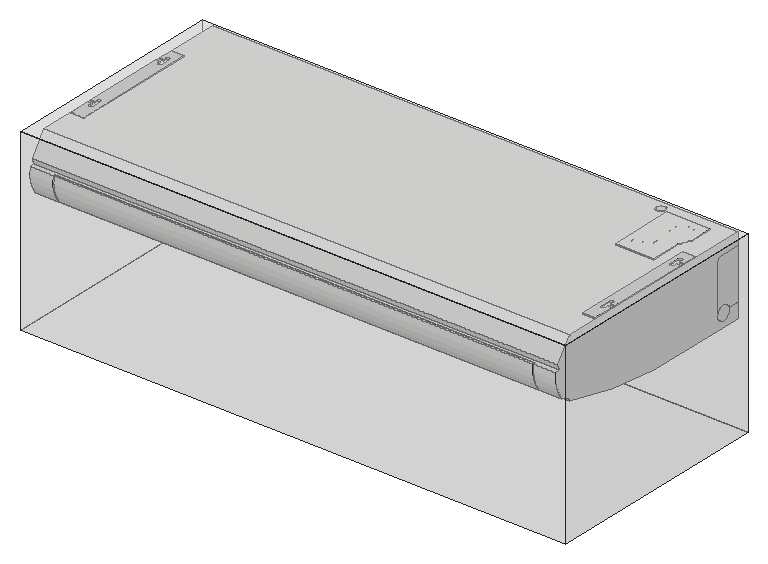
Revit family "outputfile", category 機械設備, Revit 2024
Family settings
  丸型コネクタ寸法 = 半径を使用
  パーツ タイプ = 標準
  OmniClass 番号 = 23.75.10.24.21.27.27
  OmniClass タイトル = Split System Air Conditioning Units
  作業面ベース = いいえ
  常に垂直 = はい
  ロード時にボイドで切り取り = いいえ
  注釈の向きを維持 = いいえ
  共有 = いいえ
  部屋計算ポイント = はい
Parameters (values of type "FHA125DVA")
  製造元 = "Daikin"
  書き出し IFC クラス(タイプ) = "IfcUnitaryEquipmentType"
  定義済み IFC タイプ(タイプ) = "AIRCONDITIONINGUNIT"
  モデル = "FHA125DVA"
  switch_frequency = yes
  r_Liquid Pipe Size = Liquid Pipe Size / 2  # 4.75 mm
  r_Gas Pipe Size = Gas Pipe Size / 2  # 7.95 mm
  r_Drain Pipe Size = Drain Pipe Size / 2  # 10.0 mm
  l_powersupply [instance] = if(Rear Right Connection_powersupply, 29.0 mm, 175.0 mm)  # 29.0 mm
  h_mountinghole = 2.0 mm
  connector_voltage = Voltage_50Hz  # 230 V
  connector_powerinput = [Power Input (Cooling)]  # 3.720 kW
  connector_phase = Phase_50Hz  # 1
  angle_vertical_powersupply [instance] = if(Rear Right Connection_powersupply, 90.00°, 180.00°)  # 90.00°
  angle_vertical_drainpipe [instance] = if(or(Left Connection_drainpipe, Right Connection_drainpipe), 90.00°, if(Top Connection_drainpipe, 180.00°, -90.00°))  # -90.00°
  angle_horizontal_powersupply [instance] = if(Rear Right Connection_powersupply, 180.00°, 0.00°)  # 180.00°
  angle_horizontal_drainpipe [instance] = if(Right Connection_drainpipe, 90.00°, if(Left Connection_drainpipe, -90.00°, 0.00°))  # 0.00°
  Voltage_comment_60Hz = "220-240"
  Voltage_comment_50Hz = "220-240"
  Voltage_60Hz = 230 V
  Voltage_50Hz = 230 V
  Top Connection_refrigerant [instance] = no
  Top Connection_powersupply [instance] = not(Rear Right Connection_powersupply)  # no
  Right Connection_refrigerant [instance] = no
  Rear Right Connection_refrigerant [instance] = yes
  Phase_60Hz = 1
  Phase_50Hz = 1
  Material_Casing = DAIKIN_White_Casing_indoorunit
  lw_powersupply [instance] = if(Rear Right Connection_powersupply, 220.0 mm, 210.0 mm)  # 220.0 mm
  lw_mountinghole_pitch = Width - 40.0 mm  # 1550.0 mm
  lw_mountinghole = 20.0 mm
  lw_liquidpipe [instance] = if(Right Connection_refrigerant, 156.0 mm, if(Top Connection_refrigerant, 156.0 mm, 136.0 mm))  # 136.0 mm
  lw_gaspipe = 105.0 mm
  lw_drainpipe [instance] = if(Top Connection_drainpipe, 102.0 mm, if(Width = 960.0 mm, if(or(Left Connection_drainpipe, Rear Left Connection_drainpipe), 884.0 mm, 83.0 mm), if(Width = 1270.0 mm, if(or(Left Connection_drainpipe, Rear Left Connection_drainpipe), 1194.0 mm, 83.0 mm), if(Width = 1590.0 mm, if(or(Left Connection_drainpipe, Rear Left Connection_drainpipe), 1514.0 mm, 83.0 mm), 83.0 mm))))  # 83.0 mm
  lh_powersupply = 175.0 mm
  lh_liquidpipe [instance] = if(Rear Right Connection_refrigerant, 160.0 mm, 131.0 mm)  # 160.0 mm
  lh_gaspipe [instance] = if(Rear Right Connection_refrigerant, 150.0 mm, 91.0 mm)  # 150.0 mm
  lh_drainpipe = 197.0 mm
  l_antena = 1.0 mm
  ld_powersupply = 30.0 mm
  ld_mountinghole_pitch = 260.0 mm
  ld_mountinghole = 210.0 mm
  ld_liquidpipe [instance] = if(Right Connection_refrigerant, 57.0 mm, if(Top Connection_refrigerant, 189.0 mm, 221.0 mm))  # 221.0 mm
  ld_gaspipe [instance] = if(Right Connection_refrigerant, 57.0 mm, if(Top Connection_refrigerant, 163.0 mm, 214.0 mm))  # 214.0 mm
  ld_drainpipe [instance] = if(or(Left Connection_drainpipe, Right Connection_drainpipe), 57.0 mm, if(Top Connection_drainpipe, 87.0 mm, 268.0 mm))  # 268.0 mm
  l_liquidpipe_length [instance] = if(Right Connection_refrigerant, 156.0 mm, if(Top Connection_refrigerant, 131.0 mm, 220.0 mm))  # 220.0 mm
  l_gaspipe_length [instance] = if(Right Connection_refrigerant, 105.0 mm, if(Top Connection_refrigerant, 91.0 mm, 213.0 mm))  # 213.0 mm
  l_drainpipe_length [instance] = if(Right Connection_drainpipe, 83.0 mm, if(Top Connection_drainpipe, 197.0 mm, if(Left Connection_drainpipe, 76.0 mm, 267.0 mm)))  # 267.0 mm
  h*** = 0.0 mm
  angle_vertical [instance] = if(Right Connection_refrigerant, 90.00°, if(Top Connection_refrigerant, 180.00°, -90.00°))  # -90.00°
  angle_horizontal [instance] = if(Right Connection_refrigerant, 90.00°, 0.00°)  # 0.00°
  Width = 1590.0 mm
  Version = "ver.1.0"
  Unit Type = "Ceiling"
  Unit Mass Weight = 38.00 kg
  Unit Designation [instance] = ""
  Uniclass2015Version = "Products v1.30"
  Uniclass2015Title = "Split coil room air conditioning units"
  Uniclass2015Code = "Pr_70_65_03_86"
  Total Cooling Capacity [instance] = 0.000 kW
  Top Connection_drainpipe [instance] = no
  Sound Pressure Level_M speed (dBA) = 41
  Sound Pressure Level_L speed (dBA) = 37
  Sound Pressure Level_H speed (dBA) = 44
  Series = "SkyAir_Fan Coil Unit"
  Sensible Cooling Capacity [instance] = 0.000 kW
  Rear Right Connection_drainpipe [instance] = yes
  Rear Right Connection_powersupply [instance] = yes
  Right Connection_drainpipe [instance] = no
  Refrigerant Type = "R32"
  Power Input (Cooling) = 3.720 kW
  Option Accessory 3 [instance] = ""
  Option Accessory 2 [instance] = ""
  Option Accessory 1 [instance] = ""
  Nominal Cooling Capacity = 12.500 kW
  Minimum Airflow = 1380.00 m³/h
  Median Airflow = 1620.00 m³/h
  Maximum Airflow = 1860.00 m³/h
  Load Classification = HVAC
  Liquid Pipe Size = 9.5 mm
  Link_Nested Family [instance] = ""
  Rear Left Connection_drainpipe [instance] = no
  Left Connection_drainpipe [instance] = no
  IfcVersion = ""
  IfcExportType = "AIRCONDITIONINGUNIT"
  IfcExportAs = "IfcUnitaryEquipmentType"
  Height = 235.0 mm
  Heat Exchanger Type = "Cross Fin Coil"
  Gas Pipe Size = 15.9 mm
  Frequency_60Hz = 60 Hz
  Frequency_50Hz = 50 Hz
  Fan Type = "Cross Flow Fan"
  Fan Drive = "Direct Drive"
  FCU Tag No. [instance] = ""
  Drain Pipe Size = 20.0 mm
  Design Supply Airflow [instance] = 0.00 m³/h
  Design Outdoor Airflow [instance] = 0.00 m³/h
  Depth = 690.0 mm
  既定の高さ = 0.0 mm
  Cooling Entering Wet Bulb Temperature [instance] = 0.00 °C
  Cooling Entering Dry Bulb Temperature [instance] = 0.00 °C
  Cooling Ambient Wet Bulb Temperature [instance] = 0.00 °C
  Cooling Ambient Dry Bulb Temperature [instance] = 0.00 °C
  Clearance visibility [instance] = yes
  Clearance Top = 5.0 mm
  Clearance Right = 30.0 mm
  Clearance Rear = 0.0 mm
  Clearance Left = 30.0 mm
  Clearance Front = 0.0 mm
  Clearance Bottom = 300.0 mm
Reference planes
  plane 1 "Back": y = 0
  plane 2: z = 0
  plane 3 "Center (Left/Right)": x = 0
  plane 4 "Center (Front/Back)": y = -1
  plane 5 "Front": y = -690
  plane 6 "Left": x = -795
  plane 7 "Right": x = 795
  plane 8 "Top": z = 0
  plane 9 "Bottom": z = -235
  plane 10: y = -690
  plane 11: x = -825
  plane 12: x = 825
  plane 13: z = 5
  plane 14: z = -535
  plane 15: y = 0
  plane 16 "lw_mountinghole": x = -775
  plane 17 "lw_mountinghole2": x = 775
  plane 18 "ld_mountinghole": y = -210
  plane 19 "ld_mountinghole2": y = -470
  plane 20 "lw_gaspipe": x = 690
  plane 21 "ld_gaspipe": y = -214
  plane 22 "lh_gaspipe": z = -150
  plane 23 "lw_liquidpipe": x = 659
  plane 24 "ld_liquidpipe": y = -221
  plane 25 "lh_liquidpipe": z = -160
  plane 26 "ld_drainpipe": y = -268
  plane 27 "lw_drainpipe": x = 712
  plane 28 "lh_drainpipe": z = -197
  plane 29 "lw_powersupply": x = 575
  plane 30 "lh_powersupply": z = -175
  plane 31 "ld_powersupply": y = -30
  plane 32: x = -725.5
  plane 33: x = 725.5
  plane 34: x = -750
  plane 35: x = 750
  plane 36: x = -2
  plane 37: x = 2
Forms (mm)
  Extrusion 1, solid, material "DAIKIN_White_Casing_indoorunit" <- "Material_Casing"
    sketch origin (0, 0, 0) x (0, 1, 0) y (0, 0, 1)
      loop
        line (-639.277, 0) -> (-680.876, -61.699) -> (-675.026, -77.772)
        arc (-675.026, -77.772) -> (-681.815, -78.743) -> (-688.601, -79.732) r 2634.132
        arc (-688.601, -79.732) -> (-687.018, -121.096) -> (-669.159, -158.439) r 102.2
        line (-669.159, -158.439) -> (-639.858, -169.325) -> (-635.895, -178.261)
        arc (-635.895, -178.261) -> (-479.121, -215.759) -> (-319.077, -235) r 1400.997
        line (-319.077, -235) -> (-1, -235) -> (-1, 0) -> (-639.277, 0)
    from -795 to 795
  Extrusion 2, solid, material "DAIKIN_White_Casing_indoorunit" <- "Material_Casing"
    sketch origin (0, 0, 0) x (0, 1, 0) y (0, 0, 1)
      loop
        arc (-688.601, -79.732) -> (-687.018, -121.096) -> (-669.159, -158.439) r 102.2
        line (-669.159, -158.439) -> (-665.589, -154.869)
        arc (-665.589, -154.869) -> (-682.432, -118.783) -> (-683.39, -78.971) r 97.2
        arc (-683.39, -78.971) -> (-685.996, -79.351) -> (-688.601, -79.732) r 2634.132
    from -725.5 to 725.5
  Extrusion 3, void
    sketch origin (0, 0, 0) x (0, 1, 0) y (0, 0, 1)
      loop
        line (-301.098, -235) -> (-21.098, -235) -> (-21.098, -230) -> (-301.098, -230) -> (-301.098, -235)
    from -750 to 750
  Extrusion 4, solid, material "DAIKIN_White_Grille_indoorunit"
    sketch origin (0, 0, 0) x (0, 1, 0) y (0, 0, 1)
      loop
        line (-20.098, -230) -> (-301.098, -230) -> (-301.098, -235) -> (-20.098, -235) -> (-20.098, -230)
    from -750 to -2
  Extrusion 5, solid, material "DAIKIN_White_Casing_indoorunit" <- "Material_Casing"
    sketch origin (0, 0, 0) x (1, 0, 0) y (0, 0, 1)
      loop
        line (602, -63) -> (602, -178) -> (673, -220) -> (736, -220) -> (736, -63) -> (602, -63)
    from 0 to 1
  Extrusion 6, solid, material "DAIKIN_White_Casing_indoorunit" <- "Material_Casing"
    sketch origin (0, 0, 0) x (-1, 0, 0) y (0, -1, 0)
      loop
        line (-607, 35) -> (-607, 230) -> (-723, 230) -> (-723, 135) -> (-738, 105) -> (-738, 35) -> (-607, 35)
    from 0 to 1.9
  Extrusion 7, void
    sketch origin (795, 0, 0) x (0, 1, 0) y (0, 0, 1)
      loop
        arc (-79.5, -195) -> (-55.446, -217.446) -> (-34.715, -191.9) r 22.5
        line (-34.715, -191.9) -> (-1, -191.9) -> (-1, -190.1) -> (-35.04, -190.1)
        arc (-35.04, -190.1) -> (-54.942, -172.594) -> (-77.7, -186.182) r 22.5
        line (-77.7, -186.182) -> (-77.7, -43)
        arc (-77.7, -43) -> (-76.528, -40.172) -> (-73.7, -39) r 4
        line (-73.7, -39) -> (-1, -39) -> (-1, -37.2) -> (-73.7, -37.2)
        arc (-73.7, -37.2) -> (-77.801, -38.899) -> (-79.5, -43) r 5.8
        line (-79.5, -43) -> (-79.5, -195)
      loop
        circle (-57, -195) r 20.7
    from 0 to -10
  Extrusion 8, void
    sketch origin (-1444.026, -1, 1200) x (1, 0, 0) y (0, 0, 1)
      loop
        arc (715.026, -1375) -> (704.42, -1379.393) -> (700.026, -1390) r 15
        line (700.026, -1390) -> (700.026, -1400)
        arc (700.026, -1400) -> (704.42, -1410.607) -> (715.026, -1415) r 15
        line (715.026, -1415) -> (745.026, -1415)
        arc (745.026, -1415) -> (755.633, -1410.607) -> (760.026, -1400) r 15
        line (760.026, -1400) -> (760.026, -1390)
        arc (760.026, -1390) -> (755.633, -1379.393) -> (745.026, -1375) r 15
        line (745.026, -1375) -> (715.026, -1375)
    from 0 to 10
  Extrusion 9, void
    sketch origin (-795, 0, 0) x (0, 1, 0) y (0, 0, 1)
      loop
        circle (-57, -197) r 22.5
    from 0 to 10
  Extrusion 10, void
    sketch origin (-1444.026, -1, 1200) x (1, 0, 0) y (0, 0, 1)
      loop
        circle (2136.026, -1375) r 44
    from 0 to 10
  Extrusion 11, void
    sketch origin (0, 0, 0) x (-1, 0, 0) y (0, -1, 0)
      loop
        circle (-693, 87) r 30
    from 0 to -10
  Extrusion 12, void
    sketch origin (0, 0, 0) x (-1, 0, 0) y (0, -1, 0)
      loop
        circle (-690, 163) r 18
    from 0 to -10
  Extrusion 13, void
    sketch origin (0, 0, 0) x (-1, 0, 0) y (0, -1, 0)
      loop
        circle (-639, 189) r 13
    from 0 to -10
  Extrusion 14, void
    sketch origin (-1444.026, -1, 1200) x (1, 0, 0) y (0, 0, 1)
      loop
        circle (2019.026, -1375) r 14.5
    from 0 to 10
  Extrusion 15, void
    sketch origin (0, 0, 0) x (-1, 0, 0) y (0, -1, 0)
      loop
        circle (-585, 30) r 14.5
    from 0 to -10
  Extrusion 16, void
    sketch origin (795, 0, 0) x (0, 1, 0) y (0, 0, 1)
      loop
        arc (-665.589, -154.869) -> (-682.432, -118.783) -> (-683.39, -78.971) r 97.2
        arc (-683.39, -78.971) -> (-685.996, -79.351) -> (-688.601, -79.732) r 2634.132
        arc (-688.601, -79.732) -> (-687.018, -121.096) -> (-669.159, -158.439) r 102.2
        line (-669.159, -158.439) -> (-665.589, -154.869)
    from -69.5 to -1520.5
  Extrusion 17, solid, material "DAIKIN_White_Casing_indoorunit" <- "Material_Casing"
    sketch origin (-795, 0, 0) x (0, 1, 0) y (0, 0, 1)
      loop
        circle (-57, -197) r 22.5
    from 0 to 10
  Extrusion 18, solid, material "DAIKIN_White_Grille_indoorunit"
    sketch origin (780, 0, 0) x (0, 1, 0) y (0, 0, 1)
      loop
        line (-20.098, -230) -> (-301.098, -230) -> (-301.098, -235) -> (-20.098, -235) -> (-20.098, -230)
    from -782 to -778
  Extrusion 19, solid, material "DAIKIN_White_Grille_indoorunit"
    sketch origin (0, 0, 0) x (0, 1, 0) y (0, 0, -1)
      loop
        line (-20.098, 230) -> (-20.098, 235) -> (-301.098, 235) -> (-301.098, 230) -> (-20.098, 230)
    from -750 to -2
Cuts and joins
  Extrusion 3, Extrusion 7, Extrusion 8, Extrusion 9, Extrusion 10, Extrusion 11, Extrusion 12, Extrusion 13, Extrusion 14, Extrusion 15, Extrusion 16 cuts Extrusion 1
Lines and regions (mm)
  reference lines
    curve 1: line (795, -580.282, -192.75) -> (795, -551.225, -200.21)
Dimensions and locks
  equal spacing: plane 6 "Left", plane 3 "Center (Left/Right)", plane 7 "Right"
  "Width": plane 6 "Left" to plane 7 "Right"
  "Depth": plane 5 "Front" to plane 1 "Back"
  "Height": plane 8 "Top" to plane 9 "Bottom"
  "Clearance Front": plane 10 to plane 5 "Front"
  "Clearance Left": plane 11 to plane 6 "Left"
  "Clearance Right": plane 7 "Right" to plane 12
  "Clearance Top": plane 13 to plane 8 "Top"
  "Clearance Bottom": plane 9 "Bottom" to plane 14
  "Clearance Rear": plane 1 "Back" to plane 15
  locked: plane 4 "Center (Front/Back)" to plane 1 "Back" at 1
  locked: Extrusion 1 sketch curve to Extrusion 1 sketch curve at 235
  locked: Extrusion 1 sketch curve to Extrusion 1 sketch curve at 318.077
  locked: Extrusion 1 sketch curve to Extrusion 1 sketch curve at 1163.297
  locked: Extrusion 1 sketch curve to Extrusion 1 sketch curve at 231.144
  Extrusion 3 sketch curve to Extrusion 3 sketch curve to plane 1 "Back" = 280.0 mm locked, 21.098 mm locked
  "ld_mountinghole": plane 18 "ld_mountinghole" to plane 1 "Back"
  "ld_mountinghole_pitch": plane 18 "ld_mountinghole" to plane 19 "ld_mountinghole2"
  "lw_mountinghole_pitch": plane 16 "lw_mountinghole" to plane 17 "lw_mountinghole2"
  "lw_mountinghole": plane 6 "Left" to plane 16 "lw_mountinghole"
  "lw_gaspipe": plane 20 "lw_gaspipe" to plane 7 "Right"
  "ld_gaspipe": plane 1 "Back" to plane 21 "ld_gaspipe"
  "lw_liquidpipe": plane 23 "lw_liquidpipe" to plane 7 "Right"
  "ld_liquidpipe": plane 1 "Back" to plane 24 "ld_liquidpipe"
  "lw_drainpipe": plane 27 "lw_drainpipe" to plane 7 "Right"
  "ld_drainpipe": plane 26 "ld_drainpipe" to plane 1 "Back"
  plane 8 "Top" to Extrusion 5 sketch curve to Extrusion 5 sketch curve = 63.0 mm locked, 157.0 mm locked
  plane 7 "Right" to Extrusion 5 sketch curve to Extrusion 5 sketch curve = 59.0 mm locked, 134.0 mm locked
  locked: Extrusion 5 sketch curve to Extrusion 5 sketch curve at 115
  locked: Extrusion 5 sketch curve to Extrusion 5 sketch curve at 63
  locked: Extrusion 6 sketch curve to Extrusion 6 sketch curve at 195
  locked: Extrusion 6 sketch curve to Extrusion 6 sketch curve at 116
  locked: Extrusion 6 sketch curve to Extrusion 6 sketch curve at 131
  locked: Extrusion 6 sketch curve to Extrusion 6 sketch curve at 100
  locked: Extrusion 6 sketch curve to plane 1 "Back" at 35
  locked: Extrusion 6 sketch curve to plane 7 "Right" at 57
  locked: Extrusion 8 sketch curve to Extrusion 8 sketch curve at 40
  locked: Extrusion 8 sketch curve to Extrusion 8 sketch curve at 60
  locked: plane 8 "Top" to Extrusion 8 sketch curve at 175
  locked: Extrusion 8 sketch curve to plane 6 "Left" at 51
  locked: plane 7 "Right" to Extrusion 10 sketch curve at 103
  locked: plane 8 "Top" to Extrusion 10 sketch curve at 175
  locked: Extrusion 11 sketch curve to plane 1 "Back" at 87
  locked: Extrusion 11 sketch curve to plane 7 "Right" at 102
  locked: Extrusion 12 sketch curve to plane 1 "Back" at 163
  locked: Extrusion 12 sketch curve to plane 7 "Right" at 105
  locked: Extrusion 13 sketch curve to plane 1 "Back" at 189
  locked: Extrusion 13 sketch curve to plane 7 "Right" at 156
  "lw_powersupply": plane 29 "lw_powersupply" to plane 7 "Right"
  "lh_gaspipe": plane 8 "Top" to plane 22 "lh_gaspipe"
  "lh_liquidpipe": plane 8 "Top" to plane 25 "lh_liquidpipe"
  "lh_powersupply": plane 8 "Top" to plane 30 "lh_powersupply"
  "lh_drainpipe": plane 8 "Top" to plane 28 "lh_drainpipe"
  "ld_powersupply": plane 1 "Back" to plane 31 "ld_powersupply"
  locked: plane 8 "Top" to Extrusion 7 sketch curve at 195
  locked: Extrusion 7 sketch curve to plane 1 "Back" at 57
  locked: plane 9 "Bottom" to Extrusion 7 sketch curve at 43.1
  locked: Extrusion 7 sketch curve to plane 8 "Top" at 39
  locked: Extrusion 7 sketch curve to plane 1 "Back" at 79.5
  locked: Extrusion 9 sketch curve to plane 1 "Back" at 57
  locked: plane 8 "Top" to Extrusion 9 sketch curve at 197
  locked: Extrusion 17 sketch curve to plane 1 "Back" at 57
  locked: plane 8 "Top" to Extrusion 17 sketch curve at 197
  locked: plane 7 "Right" to Extrusion 14 sketch curve at 220
  locked: plane 8 "Top" to Extrusion 14 sketch curve at 175
  locked: Extrusion 15 sketch curve to plane 7 "Right" at 210
  locked: Extrusion 15 sketch curve to plane 1 "Back" at 30
  locked: curve 1 to plane 9 "Bottom" at 34.79
  locked: curve 1 to plane 9 "Bottom" at 42.25
  locked: plane 6 "Left" to plane 32 at 69.5
  locked: plane 33 to plane 7 "Right" at 69.5
  locked: plane 35 to plane 7 "Right" at 45
  locked: plane 6 "Left" to plane 34 at 45
  plane 36 to plane 3 "Center (Left/Right)" to plane 37 = 2.0 mm locked, 2.0 mm locked
  locked: curve 1 to plane 9 "Bottom" (angle 14.40°)
  aligned and locked: level to plane 2
  aligned and locked: nested 1 to plane 11
  aligned and locked: nested 1 to plane 12
  aligned and locked: nested 1 to plane 10
  aligned and locked: plane 13 to nested 1
  aligned and locked: plane 14 to nested 1
  aligned and locked: plane 15 to nested 1
  aligned and locked: Extrusion 1 sketch curve to plane 8 "Top"
  aligned and locked: Extrusion 2 sketch curve to Extrusion 1  (x2)
  aligned and locked: plane 7 "Right" to Extrusion 1
  aligned and locked: Extrusion 1 to plane 6 "Left"
  aligned and locked: cut or joined group 1 (Extrusion 1, Extrusion 3, Extrusion 7, Extrusion 8, Extrusion 9, Extrusion 10, Extrusion 11, Extrusion 12, Extrusion 13, Extrusion 14, Extrusion 15, Extrusion 16) to Extrusion 3 sketch curve
  aligned and locked: cut or joined group 1 to Extrusion 4 sketch curve
  aligned and locked: Extrusion 5 to plane 4 "Center (Front/Back)"
  aligned and locked: Extrusion 7 sketch curve to plane 4 "Center (Front/Back)"
  aligned and locked: Extrusion 16 sketch curve to Extrusion 2  (x4)
  aligned and locked: Extrusion 16 to Extrusion 2  (x2)
  aligned and locked: nested 2 to plane 26 "ld_drainpipe"
  aligned and locked: plane 27 "lw_drainpipe" to nested 2
  aligned and locked: plane 20 "lw_gaspipe" to nested 3
  aligned and locked: nested 3 to plane 21 "ld_gaspipe"
  aligned and locked: plane 23 "lw_liquidpipe" to nested 4
  aligned and locked: nested 4 to plane 24 "ld_liquidpipe"
  aligned and locked: plane 25 "lh_liquidpipe" to nested 4
  aligned and locked: nested 5 to plane 31 "ld_powersupply"
  aligned and locked: plane 29 "lw_powersupply" to nested 5
  aligned and locked: nested 7 to plane 18 "ld_mountinghole"
  aligned and locked: plane 16 "lw_mountinghole" to nested 7
  aligned and locked: nested 6 to plane 19 "ld_mountinghole2"
  aligned and locked: plane 16 "lw_mountinghole" to nested 6
  aligned and locked: nested 9 to plane 18 "ld_mountinghole"
  aligned and locked: plane 17 "lw_mountinghole2" to nested 9
  aligned and locked: plane 17 "lw_mountinghole2" to nested 8
  aligned and locked: nested 8 to plane 19 "ld_mountinghole2"
  aligned and locked: nested 10 to curve 1
  aligned and locked: level to plane 8 "Top"
  aligned and locked: cut or joined group 1 to plane 32
  aligned and locked: plane 33 to cut or joined group 1
  aligned and locked: Extrusion 16 to plane 32
  aligned and locked: plane 33 to Extrusion 16
  aligned and locked: Extrusion 4 to plane 34
  aligned and locked: cut or joined group 1 to plane 34
  aligned and locked: plane 34 to Extrusion 4  (x3)
  aligned and locked: plane 16 "lw_mountinghole" to nested 11
  aligned and locked: plane 17 "lw_mountinghole2" to nested 12
  aligned and locked: plane 36 to Extrusion 4
  aligned and locked: Extrusion 18 to plane 36
  aligned and locked: plane 37 to Extrusion 18
  aligned and locked: Extrusion 19 to plane 37
  aligned and locked: plane 37 to Extrusion 19
  aligned and locked: plane 35 to Extrusion 19
  aligned and locked: plane 35 to Extrusion 3
  aligned and locked: Extrusion 4 to cut or joined group 1
  aligned and locked: cut or joined group 1 to Extrusion 18
  aligned and locked: cut or joined group 1 to Extrusion 19
Automatic sketch dimensions
  Extrusion 1 sketch curve to plane 4 "Center (Front/Back)" = 0.0 mm
  Extrusion 1 sketch curve to plane 5 "Front" = 102.2 mm
  Extrusion 1 sketch curve to plane 30 "lh_powersupply" = 3.261 mm
  Extrusion 1 sketch curve to plane 5 "Front" = 50.723 mm
  plane 30 "lh_powersupply" to Extrusion 1 sketch curve = 5.675 mm
  Extrusion 1 sketch curve to Extrusion 1 sketch curve = 3.963 mm
  plane 25 "lh_liquidpipe" to Extrusion 1 sketch curve = 1.561 mm
  Extrusion 1 sketch curve to plane 5 "Front" = 20.841 mm
  Extrusion 1 sketch curve to plane 5 "Front" = 14.974 mm
  Extrusion 1 sketch curve to plane 5 "Front" = 9.124 mm
  Extrusion 1 sketch curve to plane 26 "ld_drainpipe" = 37.278 mm
  Extrusion 1 sketch curve to plane 14 = 2150.825 mm
  plane 22 "lh_gaspipe" to Extrusion 1 sketch curve = 53.413 mm
  Extrusion 1 sketch curve to level = 77.772 mm
  Extrusion 1 sketch curve to Extrusion 1 sketch curve = 16.072 mm
  Extrusion 2 sketch curve to Extrusion 2 sketch curve = 0.0 mm  (x2)
  plane 25 "lh_liquidpipe" to Extrusion 2 sketch curve = 1.561 mm
  Extrusion 2 sketch curve to plane 22 "lh_gaspipe" = 4.869 mm
  Extrusion 2 sketch curve to Extrusion 2 sketch curve = 3.57 mm
  Extrusion 3 sketch curve to Extrusion 3 sketch curve = 5.0 mm
  plane 31 "ld_powersupply" to Extrusion 4 sketch curve = 9.902 mm
  Extrusion 4 sketch curve to Extrusion 4 sketch curve = 5.0 mm
  Extrusion 6 sketch curve to Extrusion 6 sketch curve = 30.0 mm
  Extrusion 7 sketch curve to Extrusion 7 sketch curve = 0.0 mm  (x6)
  Extrusion 7 sketch curve to plane 4 "Center (Front/Back)" = 0.0 mm  (x2)
  Extrusion 7 sketch curve to Extrusion 7 sketch curve = 1.8 mm  (x2)
  Extrusion 7 sketch curve to Extrusion 7 sketch curve = 4.0 mm
  Extrusion 7 sketch curve to Extrusion 7 sketch curve = 0.325 mm
  Extrusion 8 sketch curve to plane 32 = 3.5 mm  (x2)
  Extrusion 8 sketch curve to plane 28 "lh_drainpipe" = 3.0 mm
  Extrusion 8 sketch curve to Extrusion 8 sketch curve = 15.0 mm
  curve 1 to plane 5 "Front" = 109.718 mm
  Extrusion 18 sketch curve to plane 9 "Bottom" = 0.0 mm
  plane 9 "Bottom" to Extrusion 18 sketch curve = 5.0 mm
  Extrusion 18 sketch curve to plane 26 "ld_drainpipe" = 33.098 mm
  plane 31 "ld_powersupply" to Extrusion 18 sketch curve = 9.902 mm
  Extrusion 19 sketch curve to plane 9 "Bottom" = 0.0 mm
  plane 9 "Bottom" to Extrusion 19 sketch curve = 5.0 mm
  Extrusion 19 sketch curve to plane 26 "ld_drainpipe" = 33.098 mm
  plane 31 "ld_powersupply" to Extrusion 19 sketch curve = 9.902 mm
  Extrusion 4 sketch curve to plane 26 "ld_drainpipe" = 33.098 mm
  radius of Extrusion 7 sketch curve = 20.7 mm
  radius of Extrusion 9 sketch curve = 22.5 mm
  radius of Extrusion 10 sketch curve = 44.0 mm
  radius of Extrusion 11 sketch curve = 30.0 mm
  radius of Extrusion 12 sketch curve = 18.0 mm
  radius of Extrusion 13 sketch curve = 13.0 mm
  radius of Extrusion 14 sketch curve = 14.5 mm
  radius of Extrusion 15 sketch curve = 14.5 mm
  radius of Extrusion 17 sketch curve = 22.5 mm
Nested families
  nested 1: "daikin_clearancespace" at (0, -345, -264.881), visible <- "Clearance visibility", show <- "Clearance visibility", Link_Nested Family <- "Link_Nested Family", type "daikin_clearancespace"
    with width 1650.0 mm, show yes, height 540.0 mm, depth 690.0 mm, Link_Nested Family ""
  nested 2: "daikin_connector_rotate3" at (712, -268, -197), radius <- "r_Drain Pipe Size", angle_vertical <- "angle_vertical_drainpipe", angle_horizontal <- "angle_horizontal_drainpipe", length <- "l_drainpipe_length", type "daikin_connector_rotate3"
    with show no, radius 10.0 mm, length 267.0 mm, angle_vertical -90.00°, angle_horizontal 0.00°
  nested 3: "daikin_connector_rotate3" at (690, -214, -150), radius <- "r_Gas Pipe Size", angle_vertical <- "angle_vertical", angle_horizontal <- "angle_horizontal", length <- "l_gaspipe_length", type "daikin_connector_rotate3"
    with show no, radius 7.95 mm, length 213.0 mm, angle_vertical -90.00°, angle_horizontal 0.00°
  nested 4: "daikin_connector_rotate3" at (659, -221, -160), radius <- "r_Liquid Pipe Size", angle_vertical <- "angle_vertical", angle_horizontal <- "angle_horizontal", length <- "l_liquidpipe_length", type "daikin_connector_rotate3"
    with show no, radius 4.75 mm, length 220.0 mm, angle_vertical -90.00°, angle_horizontal 0.00°
  nested 5: "daikin_connector_rotate3" at (575, -30, -175), length <- "l_powersupply", angle_vertical <- "angle_vertical_powersupply", angle_horizontal <- "angle_horizontal_powersupply", type "daikin_connector_rotate3"
    with show no, radius 10.0 mm, length 29.0 mm, angle_vertical 90.00°, angle_horizontal 180.00°
  nested 6: "daikin_mountinghole" at (-775, -470, 0), l_antenna <- "l_antena", Link_Nested Family <- "Link_Nested Family", h_mountinghole <- "h_mountinghole", type "daikin_mountinghole"
    with show yes, l_antenna 1.0 mm, h_mountinghole 2.0 mm, Link_Nested Family ""
  nested 7: "daikin_mountinghole" at (-775, -210, 0), l_antenna <- "l_antena", Link_Nested Family <- "Link_Nested Family", h_mountinghole <- "h_mountinghole", type "daikin_mountinghole"
    with show yes, l_antenna 1.0 mm, h_mountinghole 2.0 mm, Link_Nested Family ""
  nested 8: "daikin_mountinghole" at (775, -470, 0), l_antenna <- "l_antena", Link_Nested Family <- "Link_Nested Family", h_mountinghole <- "h_mountinghole", type "daikin_mountinghole"
    with show yes, l_antenna 1.0 mm, h_mountinghole 2.0 mm, Link_Nested Family ""
  nested 9: "daikin_mountinghole" at (775, -210, 0), Link_Nested Family <- "Link_Nested Family", l_antenna <- "l_antena", h_mountinghole <- "h_mountinghole", type "daikin_mountinghole"
    with show yes, l_antenna 1.0 mm, h_mountinghole 2.0 mm, Link_Nested Family ""
  nested 10: "daikin_logo_plane_w40" at (647.963, -559.801, -198.008) x (1, 0, 0) z (0, -0.2487, -0.9686), type "daikin_logo_plane_w40"
    with show_logo yes
  nested 11: "daikin_hangerfixture_FHA-DVA" at (-775, 0, 0), type "daikin_hangerfixture_FHA-DVA"
    with width 38.0 mm, height 2.0 mm, depth 380.0 mm
  nested 12: "daikin_hangerfixture_FHA-DVA" at (775, 0, 0) x (-1, 0, 0) z (0, 0, 1), type "daikin_hangerfixture_FHA-DVA"
    with width 38.0 mm, height 2.0 mm, depth 380.0 mm
Connectors
  piping at (712, -1, -197), diameter 20, driven by "r_Drain Pipe Size"
    settings: on nested 2, index 1, connector inside diameter 609.6 mm, connector length 0.0 mm, flow factor 0, pipe flow 0.00 m³/h, pressure drop 0.0 Pa, fitting loss kfactor 0, connector angle 0.00°, fixture units 0, engagement length 0.0 mm, angle of deflection 0.00°, flow configuration 1, flow direction 2, fitting loss method 4, system type 16, joint type 0, gender type 0, connector reference index -1, connector utility 0, adjustable connector no, is connector primary yes, connector description "Condensate Drain Piping"
  piping at (690, -1, -150), diameter 15.9, driven by "r_Gas Pipe Size"
    settings: on nested 3, index 3, connector inside diameter 609.6 mm, connector length 0.0 mm, flow factor 0, pipe flow 0.00 m³/h, pressure drop 0.0 Pa, fitting loss kfactor 0, connector angle 0.00°, fixture units 0, engagement length 0.0 mm, angle of deflection 0.00°, flow configuration 1, flow direction 2, fitting loss method 0, system type 29, joint type 0, gender type 0, connector reference index -1, connector utility 0, adjustable connector no, is connector primary no, connector description "Refrigerant Gas Piping"
  piping at (659, -1, -160), diameter 9.5, driven by "r_Liquid Pipe Size"
    settings: on nested 4, index 4, connector inside diameter 609.6 mm, connector length 0.0 mm, flow factor 0, pipe flow 0.00 m³/h, pressure drop 0.0 Pa, fitting loss kfactor 0, connector angle 0.00°, fixture units 0, engagement length 0.0 mm, angle of deflection 0.00°, flow configuration 1, flow direction 1, fitting loss method 0, system type 29, joint type 0, gender type 0, connector reference index -1, connector utility 0, adjustable connector no, is connector primary no, connector description "Refrigerant Liquid Piping"
  electrical at (575, -1, -175), driven by "Load Classification", driven by "connector_powerinput", driven by "connector_phase", driven by "connector_voltage"
    settings: on nested 5, index 6, voltage 230 V, apparent load 3720 VA, apparent load phase1 0 VA, apparent load phase2 0 VA, apparent load phase3 0 VA, power factor 1, load classification "HVAC", number of poles 1, system type 30, power factor state 1, is connector primary yes, connector utility no, sub classification motor no, connector description "Power Supply"
Definition of nested family "daikin_clearancespace"
  Parameters (values of type "daikin_clearancespace")
    Description = "daikin_clearancespace"
    width [instance] = 1823.963 mm
    show [instance] = yes
    material = none
    height [instance] = 1359.762 mm
    depth [instance] = 880.0 mm
    Default Elevation = 0.0 mm
    Link_Nested Family [instance] = ""
  Reference planes
    plane 1 "Center (Front/Back)": y = 0
    plane 2 "Center (Elevation)": z = -0.119
    plane 3 "Center (Left/Right)": x = 0
    plane 4: y = 440
    plane 5: y = -440
    plane 6 "Right": x = 911.982
    plane 7 "Left": x = -911.982
    plane 8 "Top": z = 679.762
    plane 9 "Bottom": z = -680
  Forms (mm)
    Extrusion 1, solid, material <- "material", visible <- "show"
      sketch origin (0, 0, 0) x (1, 0, 0) y (0, 1, 0)
        loop
          line (-911.982, 440) -> (-911.982, -440) -> (911.982, -440) -> (911.982, 440) -> (-911.982, 440)
      from -680 to 679.762
  Lines and regions (mm)
    symbolic lines, visible <- "show"
      curve 1: line (911.982, 440, 0) -> (-911.982, 440, 0)
      curve 2: line (-911.982, 440, 0) -> (-911.982, -440, 0)
      curve 3: line (-911.982, -440, 0) -> (911.982, -440, 0)
      curve 4: line (911.982, -440, 0) -> (911.982, 440, 0)
      curve 5: line (911.982, 0, 679.762) -> (-911.982, 0, 679.762)
      curve 6: line (911.982, 0, -680) -> (911.982, 0, 679.762)
      curve 7: line (-911.982, 0, -680) -> (911.982, 0, -680)
      curve 8: line (-911.982, 0, 679.762) -> (-911.982, 0, -680)
      curve 9: line (0, 440, 679.762) -> (0, -440, 679.762)
      curve 10: line (0, -440, 679.762) -> (0, -440, -680)
      curve 11: line (0, 440, -680) -> (0, 440, 679.762)
      curve 12: line (0, -440, -680) -> (0, 440, -680)
  Dimensions and locks
    "width": plane 7 "Left" to plane 6 "Right"
    "depth": plane 4 to plane 5
    "height": plane 8 "Top" to plane 9 "Bottom"
    equal spacing: plane 7 "Left", plane 3 "Center (Left/Right)", plane 6 "Right"
    equal spacing: plane 4, plane 1 "Center (Front/Back)", plane 5
    equal spacing: plane 8 "Top", plane 2 "Center (Elevation)", plane 9 "Bottom"
    aligned and locked: level to plane 2 "Center (Elevation)"
    aligned and locked: Extrusion 1 sketch curve to plane 4
    aligned and locked: plane 7 "Left" to Extrusion 1 sketch curve
    aligned and locked: Extrusion 1 sketch curve to plane 5
    aligned and locked: Extrusion 1 sketch curve to plane 6 "Right"
    aligned and locked: plane 8 "Top" to Extrusion 1
    aligned and locked: curve 1 to Extrusion 1
    aligned and locked: curve 2 to Extrusion 1
    aligned and locked: curve 3 to Extrusion 1
    aligned and locked: curve 4 to Extrusion 1
    aligned and locked: curve 5 to Extrusion 1
    aligned and locked: curve 6 to Extrusion 1
    aligned and locked: curve 7 to Extrusion 1
    aligned and locked: curve 8 to Extrusion 1
    aligned and locked: curve 9 to Extrusion 1
    aligned and locked: curve 10 to Extrusion 1
    aligned and locked: curve 11 to Extrusion 1
    aligned and locked: curve 12 to Extrusion 1
    aligned and locked: Extrusion 1 to plane 9 "Bottom"
Definition of nested family "daikin_logo_plane_w40"
  Parameters (values of type "daikin_logo_plane_w40")
    width = 40.0 mm
    show_logo [instance] = yes
    material = none
    height = 0.0 mm
    depth = 0.0 mm
    Default Elevation = 1219.2 mm
  Reference planes
    plane 1 "Center (Front/Back)": y = 0
    plane 2: z = 0
    plane 3 "Center (Left/Right)": x = 0
    plane 4: z = 2
    plane 5 "left": x = -19
    plane 6: x = 19
  Forms (mm)
    Extrusion 1, solid, visible <- "show_logo"
      sketch origin (-19, 0, 0) x (1, 0, 0) y (0, 1, 0)
        loop
          line (8.902, -1.878) -> (7.789, -6.332) -> (11.13, -6.332)
          arc (11.13, -6.332) -> (12.454, -6.064) -> (13.472, -5.176) r 2.642
          arc (13.472, -5.176) -> (13.92, -4.02) -> (13.767, -2.79) r 2.537
          arc (13.767, -2.79) -> (13.452, -2.342) -> (12.982, -2.06) r 1.321
          arc (12.982, -2.06) -> (12.063, -1.902) -> (11.13, -1.878) r 6.479
          line (11.13, -1.878) -> (8.902, -1.878)
        loop
          line (10.016, -5.441) -> (10.907, -5.441)
          arc (10.907, -5.441) -> (11.591, -4.983) -> (11.988, -4.261) r 1.742
          spline (11.988, -4.261) -> (12.01, -4.155) -> (12.027, -4.03) -> (12.037, -3.893) -> (12.037, -3.747) -> (12.026, -3.598) -> (12.002, -3.451) -> (11.962, -3.31) -> (11.905, -3.181) -> (11.829, -3.069) -> (11.731, -2.978) -> (11.61, -2.913) -> (11.464, -2.88)
          line (11.464, -2.88) -> (10.573, -2.88) -> (10.016, -5.441)
        loop
          line (13.58, -6.332) -> (14.805, -6.332) -> (15.223, -5.553) -> (16.977, -5.553) -> (17.144, -6.332) -> (19.149, -6.332) -> (18.258, -1.878) -> (16.03, -1.878) -> (13.58, -6.332)
        loop
          line (16.476, -3.214) -> (15.76, -4.551) -> (16.762, -4.551) -> (16.476, -3.214)
        loop
          line (19.705, -6.332) -> (21.599, -6.332) -> (22.712, -1.878) -> (20.819, -1.878) -> (19.705, -6.332)
        loop
          line (22.712, -6.332) -> (24.606, -6.332) -> (24.908, -5.122) -> (25.831, -6.332) -> (28.17, -6.332) -> (26.388, -3.994) -> (28.949, -1.878) -> (26.945, -1.878) -> (25.401, -3.153) -> (25.719, -1.878) -> (23.826, -1.878) -> (22.712, -6.332)
        loop
          line (29.84, -1.878) -> (28.615, -6.332) -> (30.62, -6.332) -> (31.734, -1.878) -> (29.84, -1.878)
        loop
          line (31.734, -6.332) -> (33.07, -6.332) -> (33.7, -3.814) -> (34.518, -6.332) -> (36.745, -6.332) -> (37.859, -1.878) -> (36.523, -1.878) -> (35.845, -4.589) -> (34.963, -1.878) -> (32.847, -1.878) -> (31.734, -6.332)
      from 0 to 2
    Extrusion 2, solid, visible <- "show_logo"
      sketch origin (-19, 0, 0) x (1, 0, 0) y (0, 1, 0)
        loop
          line (8.7, 0) -> (4.235, 0) -> (0, -3.879) -> (0, -8) -> (8.7, 0)
      from 0 to 2
    Extrusion 3, solid, visible <- "show_logo"
      sketch origin (-19, 0, 0) x (1, 0, 0) y (0, 1, 0)
        loop
          line (0, 0) -> (0, -3.879) -> (4.235, 0) -> (0, 0)
      from 0 to 2
  Dimensions and locks
    plane 4 to plane 2 = 2.0 mm
    equal spacing: plane 5 "left", plane 3 "Center (Left/Right)", plane 6
    locked: plane 5 "left" to plane 6 at 38
    aligned and locked: level to plane 2
    aligned and locked: Extrusion 3 to plane 1 "Center (Front/Back)"  (x2)
    aligned and locked: Extrusion 2 to plane 1 "Center (Front/Back)"  (x2)
    aligned and locked: plane 4 to Extrusion 1
    aligned and locked: plane 4 to Extrusion 3
    aligned and locked: plane 4 to Extrusion 2
    aligned and locked: Extrusion 3 to plane 5 "left"
    aligned and locked: Extrusion 2 to plane 5 "left"
  Automatic sketch dimensions
    Extrusion 1 sketch curve to Extrusion 1 sketch curve = 0.901 mm
    Extrusion 1 sketch curve to Extrusion 1 sketch curve = 1.559 mm
    Extrusion 1 sketch curve to Extrusion 1 sketch curve = 1.327 mm
    Extrusion 1 sketch curve to Extrusion 1 sketch curve = 2.145 mm
    Extrusion 1 sketch curve to Extrusion 1 sketch curve = 1.448 mm
    Extrusion 1 sketch curve to Extrusion 1 sketch curve = 2.116 mm
    Extrusion 1 sketch curve to Extrusion 1 sketch curve = 1.114 mm  (x4)
    Extrusion 1 sketch curve to Extrusion 1 sketch curve = 1.336 mm  (x2)
    plane 1 "Center (Front/Back)" to Extrusion 1 sketch curve = 1.878 mm  (x5)
    Extrusion 1 sketch curve to Extrusion 1 sketch curve = 1.893 mm  (x5)
    Extrusion 1 sketch curve to Extrusion 1 sketch curve = 0.891 mm  (x4)
    Extrusion 1 sketch curve to Extrusion 1 sketch curve = 2.005 mm  (x3)
    Extrusion 1 sketch curve to Extrusion 1 sketch curve = 0.445 mm  (x2)
    plane 1 "Center (Front/Back)" to Extrusion 1 sketch curve = 3.994 mm
    Extrusion 1 sketch curve to Extrusion 1 sketch curve = 0.557 mm  (x2)
    Extrusion 1 sketch curve to Extrusion 1 sketch curve = 2.339 mm  (x2)
    Extrusion 1 sketch curve to Extrusion 1 sketch curve = 1.225 mm  (x3)
    plane 1 "Center (Front/Back)" to Extrusion 1 sketch curve = 3.153 mm
    Extrusion 1 sketch curve to Extrusion 1 sketch curve = 0.987 mm
    plane 1 "Center (Front/Back)" to Extrusion 1 sketch curve = 5.122 mm
    Extrusion 1 sketch curve to Extrusion 1 sketch curve = 0.922 mm
    plane 1 "Center (Front/Back)" to Extrusion 1 sketch curve = 6.332 mm
    Extrusion 1 sketch curve to Extrusion 1 sketch curve = 2.562 mm
    plane 1 "Center (Front/Back)" to Extrusion 1 sketch curve = 5.553 mm
    Extrusion 1 sketch curve to Extrusion 1 sketch curve = 0.167 mm
    Extrusion 1 sketch curve to Extrusion 1 sketch curve = 0.215 mm
    plane 1 "Center (Front/Back)" to Extrusion 1 sketch curve = 3.214 mm
    Extrusion 1 sketch curve to Extrusion 1 sketch curve = 0.286 mm
    plane 1 "Center (Front/Back)" to Extrusion 1 sketch curve = 4.551 mm
    Extrusion 1 sketch curve to Extrusion 1 sketch curve = 1.002 mm
    Extrusion 1 sketch curve to Extrusion 1 sketch curve = 0.537 mm
    Extrusion 1 sketch curve to Extrusion 1 sketch curve = 0.418 mm
    Extrusion 1 sketch curve to Extrusion 1 sketch curve = 1.028 mm
    plane 1 "Center (Front/Back)" to Extrusion 1 sketch curve = 4.261 mm
    Extrusion 1 sketch curve to Extrusion 1 sketch curve = 0.563 mm
    plane 1 "Center (Front/Back)" to Extrusion 1 sketch curve = 2.88 mm
    Extrusion 1 sketch curve to Extrusion 1 sketch curve = 1.088 mm
    Extrusion 1 sketch curve to Extrusion 1 sketch curve = 2.152 mm
    Extrusion 1 sketch curve to Extrusion 1 sketch curve = 0.586 mm
    Extrusion 1 sketch curve to Extrusion 1 sketch curve = 0.118 mm
    Extrusion 1 sketch curve to Extrusion 1 sketch curve = 0.298 mm
    Extrusion 1 sketch curve to Extrusion 1 sketch curve = 0.334 mm
    Extrusion 1 sketch curve to Extrusion 1 sketch curve = 0.223 mm
    Extrusion 1 sketch curve to Extrusion 1 sketch curve = 0.266 mm
    Extrusion 1 sketch curve to Extrusion 1 sketch curve = 1.671 mm
    Extrusion 1 sketch curve to Extrusion 1 sketch curve = 2.227 mm
    Extrusion 1 sketch curve to Extrusion 1 sketch curve = 0.0 mm  (x7)
    Extrusion 1 sketch curve to Extrusion 1 sketch curve = 3.453 mm
    Extrusion 1 sketch curve to Extrusion 1 sketch curve = 2.017 mm
    Extrusion 1 sketch curve to Extrusion 1 sketch curve = 0.78 mm  (x2)
    Extrusion 1 sketch curve to Extrusion 1 sketch curve = 1.743 mm
    Extrusion 1 sketch curve to Extrusion 1 sketch curve = 0.775 mm
    Extrusion 1 sketch curve to Extrusion 1 sketch curve = 0.552 mm
    Extrusion 1 sketch curve to Extrusion 1 sketch curve = 0.014 mm
    Extrusion 1 sketch curve to Extrusion 1 sketch curve = 0.952 mm
    Extrusion 1 sketch curve to Extrusion 1 sketch curve = 1.215 mm
    Extrusion 1 sketch curve to Extrusion 1 sketch curve = 0.108 mm
    plane 1 "Center (Front/Back)" to Extrusion 2 sketch curve = 0.0 mm
    Extrusion 2 sketch curve to plane 3 "Center (Left/Right)" = 19.0 mm
    Extrusion 2 sketch curve to plane 3 "Center (Left/Right)" = 14.765 mm
    Extrusion 2 sketch curve to Extrusion 2 sketch curve = 4.465 mm
    plane 1 "Center (Front/Back)" to Extrusion 2 sketch curve = 3.879 mm
    Extrusion 2 sketch curve to Extrusion 2 sketch curve = 4.12 mm
    plane 1 "Center (Front/Back)" to Extrusion 3 sketch curve = 0.0 mm
    Extrusion 3 sketch curve to plane 3 "Center (Left/Right)" = 19.0 mm
    Extrusion 3 sketch curve to plane 3 "Center (Left/Right)" = 14.765 mm
    plane 1 "Center (Front/Back)" to Extrusion 3 sketch curve = 3.879 mm
    Extrusion 1 sketch curve to plane 3 "Center (Left/Right)" = 11.211 mm
    Extrusion 1 sketch curve to Extrusion 1 sketch curve = 1.782 mm
Definition of nested family "daikin_hangerfixture_FHA-DVA"
  Parameters (values of type "daikin_hangerfixture_FHA-CV2S")
    width = 44.0 mm
    material = none
    height = 155.0 mm
    depth = 33.0 mm
    Default Elevation = 0.0 mm
  Reference planes
    plane 1 "Center (Front/Back)": y = 0
    plane 2: z = 0
    plane 3 "Center (Left/Right)": x = 0
    plane 4: z = -2.3
    plane 5: z = -155
    plane 6: z = -12
  Forms (mm)
    Extrusion 1, solid
      sketch origin (0, 0, 0) x (1, 0, 0) y (0, 1, 0)
        loop
          line (20, -159) -> (-18, -159) -> (-18, -204) -> (-6, -204) -> (-6, -196)
          arc (-6, -196) -> (0, -190) -> (6, -196) r 6
          line (6, -196) -> (6, -224)
          arc (6, -224) -> (0, -230) -> (-6, -224) r 6
          line (-6, -224) -> (-6, -216) -> (-18, -216) -> (-18, -464) -> (-6, -464) -> (-6, -456)
          arc (-6, -456) -> (0, -450) -> (6, -456) r 6
          line (6, -456) -> (6, -484)
          arc (6, -484) -> (0, -490) -> (-6, -484) r 6
          line (-6, -484) -> (-6, -476) -> (-18, -476) -> (-18, -539) -> (20, -539) -> (20, -159)
      from 0 to 2
  Dimensions and locks
    plane 2 to plane 4 = 2.3 mm
    "height": plane 2 to plane 5
    locked: plane 2 to plane 6 at 12
    aligned and locked: level to plane 2
  Automatic sketch dimensions
    plane 3 "Center (Left/Right)" to Extrusion 1 sketch curve = 20.0 mm
    plane 1 "Center (Front/Back)" to Extrusion 1 sketch curve = 159.0 mm
    Extrusion 1 sketch curve to plane 3 "Center (Left/Right)" = 18.0 mm
    Extrusion 1 sketch curve to Extrusion 1 sketch curve = 380.0 mm
    Extrusion 1 sketch curve to Extrusion 1 sketch curve = 63.0 mm
    Extrusion 1 sketch curve to plane 3 "Center (Left/Right)" = 0.0 mm  (x4)
    plane 3 "Center (Left/Right)" to Extrusion 1 sketch curve = 6.0 mm
    Extrusion 1 sketch curve to Extrusion 1 sketch curve = 8.0 mm  (x4)
    Extrusion 1 sketch curve to Extrusion 1 sketch curve = 20.0 mm  (x2)
    Extrusion 1 sketch curve to Extrusion 1 sketch curve = 0.0 mm  (x2)
    Extrusion 1 sketch curve to Extrusion 1 sketch curve = 57.0 mm
    Extrusion 1 sketch curve to plane 3 "Center (Left/Right)" = 6.0 mm
Definition of nested family "daikin_connector_rotate3"
  Parameters (values of type "daikin_connector_rotate3")
    show [instance] = yes
    radius [instance] = 10.0 mm
    length [instance] = 600.0 mm
    angle_horizontal [instance] = 60.00°
    angle_vertical [instance] = 90.00°
    Default Elevation = 1219.2 mm
  Reference planes
    plane 1 "Center (Front/Back)": y = 0
    plane 2: z = 0
    plane 3 "Center (Left/Right)": x = 0
  Dimensions and locks
    "angle_horizontal": angle plane 3 "Center (Left/Right)" to nested 1
    aligned and locked: level to plane 2
    aligned and locked: plane 1 "Center (Front/Back)" to nested 1  (x2)
    aligned and locked: plane 3 "Center (Left/Right)" to nested 1
  Nested families
    nested 1: "daikin_connector_rotate2" at (0, 0, 0) x (0.5, 0.866, 0) z (0, 0, 1), angle_vertical <- "angle_vertical", length <- "length", radius <- "radius", type "daikin_connector_rotate2"
      with radius 10.0 mm, length 600.0 mm, angle_vertical 90.00°
  Definition of nested family "daikin_connector_rotate2"
    Parameters (values of type "daikin_connector_rotate2")
      show_face = yes
      radius [instance] = 10.0 mm
      length [instance] = 600.0 mm
      d_surface = 10.0 mm
      angle_vertical [instance] = 90.00°
      Default Elevation = 0.0 mm
    Reference planes
      plane 1 "Center (Front/Back)": y = 0
      plane 2: z = 0
      plane 3 "Center (Left/Right)": x = 0
    Forms (mm)
      Extrusion 1, solid, visible <- "show_face"
        sketch origin (0, -600, 0) x (1, 0, 0) y (0, 0, 1)
          loop
            circle (0, 0) r 10
        from 0 to -10
    Lines and regions (mm)
      reference lines
        curve 1: line (0, 0, 0) -> (0, -600, 0)
      symbolic lines
        curve 2: circle (0, 0, 0) r 5 normal (0, 0, 1)
      model lines, visible <- "show_face"
        curve 3: line (0, 0, 0) -> (0, -600, 0)
    Dimensions and locks
      "length": curve 1 to curve 1
      "length": curve 3 to curve 3
      "d_surface": Extrusion 1 to Extrusion 1
      "radius": radius of Extrusion 1 sketch curve
      "angle_vertical": angle curve 1 to plane 1 "Center (Front/Back)"
      "angle_vertical": angle curve 3 to plane 1 "Center (Front/Back)"
      aligned and locked: level to plane 2
      aligned and locked: plane 1 "Center (Front/Back)" to curve 1
      aligned and locked: plane 2 to curve 1
      aligned and locked: plane 1 "Center (Front/Back)" to curve 2
      aligned and locked: plane 3 "Center (Left/Right)" to curve 2
      aligned and locked: plane 1 "Center (Front/Back)" to curve 3
      aligned and locked: plane 2 to curve 3
      aligned and locked: Extrusion 1 to Extrusion 1
    Automatic sketch dimensions
      Extrusion 1 sketch curve to level = 0.0 mm
      Extrusion 1 sketch curve to plane 3 "Center (Left/Right)" = 0.0 mm
      radius of curve 2 = 5.0 mm
Definition of nested family "daikin_mountinghole"
  Parameters (values of type "daikin_mountinghole")
    Default Elevation = 1219.2 mm
    Type Comments = "mountinghole"
    show [instance] = yes
    material = none
    l_centerline = 100.0 mm
    l_antenna [instance] = 100.0 mm
    h_mountinghole [instance] = 0.0 mm
    d_circle = 30.0 mm
    Link_Nested Family [instance] = ""
  Reference planes
    plane 1 "Center (Front/Back)": y = 0
    plane 2: z = 0
    plane 3 "Center (Left/Right)": x = 0
    plane 4: y = 50
    plane 5: x = -50
    plane 6: x = 50
    plane 7: y = -50
    plane 8 "h_mountinghole": z = 0
    plane 9: z = 100
  Lines and regions (mm)
    model lines, detail levels fine
      curve 1: circle (0, 0, 0) r 15 normal (0, 0, 1)
      curve 2: line (-50, 0, 0) -> (50, 0, 0)
      curve 3: line (0, 50, 0) -> (0, -50, 0)
    symbolic lines, detail levels fine
      curve 4: circle (0, 0, 0) r 15 normal (0, 0, 1)
      curve 5: line (-50, 0, 0) -> (50, 0, 0)
      curve 6: line (0, 50, 0) -> (0, -50, 0)
    model lines
      curve 7: line (0, 0, 100) -> (0, 0, 0)
  Dimensions and locks
    equal spacing: plane 4, plane 1 "Center (Front/Back)", plane 7
    "l_centerline": plane 4 to plane 7
    equal spacing: plane 5, plane 3 "Center (Left/Right)", plane 6
    "l_centerline": plane 5 to plane 6
    "l_antenna": plane 9 to plane 8 "h_mountinghole"
    "h_mountinghole": plane 8 "h_mountinghole" to plane 2
    "d_circle": diameter of curve 1
    "d_circle": diameter of curve 4
    aligned and locked: level to plane 2
    aligned and locked: plane 1 "Center (Front/Back)" to curve 1
    aligned and locked: plane 3 "Center (Left/Right)" to curve 1
    aligned and locked: plane 1 "Center (Front/Back)" to curve 2
    aligned and locked: curve 3 to plane 3 "Center (Left/Right)"
    aligned and locked: plane 6 to curve 2
    aligned and locked: plane 5 to curve 2
    aligned and locked: plane 4 to curve 3
    aligned and locked: plane 7 to curve 3
    aligned and locked: plane 1 "Center (Front/Back)" to curve 4
    aligned and locked: plane 3 "Center (Left/Right)" to curve 4
    aligned and locked: plane 6 to curve 5
    aligned and locked: plane 5 to curve 5
    aligned and locked: plane 1 "Center (Front/Back)" to curve 5
    aligned and locked: plane 4 to curve 6
    aligned and locked: plane 7 to curve 6
    aligned and locked: curve 6 to plane 3 "Center (Left/Right)"
    aligned and locked: curve 7 to plane 3 "Center (Left/Right)"
    aligned and locked: plane 9 to curve 7
    aligned and locked: plane 8 "h_mountinghole" to curve 7
